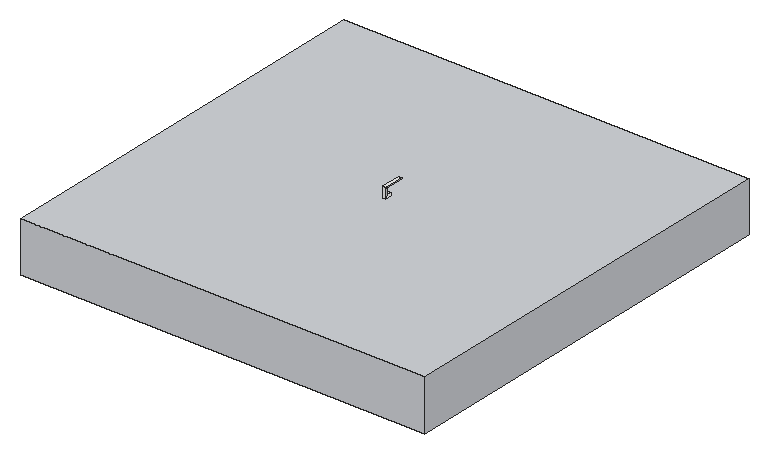
Revit family "Toilet_Paper_Holder-Grohe-Reserve-40784000", category Specialty Equipment, host Face, Revit 2014
Parameters (values of type "40784000")
  Width = 13/16"
  URL = "https://www.grohe.us"
  Type Comments = ""
  Product Page URL = "https://www.grohe.us/en_us/selection-cube-reserve-toilet-paper-holder-40784000.html"
  Price = "Prices may vary. Please consult Manufacturer Representative for most up-to-date price list."  # constant formula
  Model = "40784000"
  Material = "Metal-Grohe-000-Chrome"
  Manufacturer = "Grohe"
  Length = 2 1/2"
  Installation Type = "Wall Mounted"
  Height = 4 3/4"
  Finish = Metal-Grohe-000-Chrome
  Description = "Selection Cube Reserve toilet paper holder"
  Default Elevation = 16"
  Creation Date = "7/6/2017"  # constant formula
  Assembly Code = "D2010710"
Reference planes (in)
  plane 1 "Center (Front/Back)": y = 0
  plane 2: z = 0
  plane 3 "Center (Left/Right)": x = 0
  plane 4: y = 4.75
  plane 5: z = 2.5
  plane 6: y = 1.5625
  plane 7: x = 0.40625
  plane 8: x = -0.40625
Forms (in)
  Extrusion 1, solid
    sketch origin (0, 0, 0) x (1, 0, 0) y (0, 1, 0)
      loop
        line (-48, 48) -> (-48, -48) -> (48, -48) -> (48, 48) -> (-48, 48)
    from 0 to -12
  Extrusion 2, solid, material "Metal-Grohe-000-Chrome"
    sketch origin (0, 0, 0) x (1, 0, 0) y (0, 0, 1)
      loop
        line (0.40625, 0) -> (0.17958, 0.62277) -> (-0.17958, 0.62277) -> (-0.40625, 0) -> (0.40625, 0)
    from -1.5625 to 0
  Extrusion 3, solid, material "Metal-Grohe-000-Chrome"
    sketch origin (0, 0, 0) x (1, 0, 0) y (0, 1, 0)
      loop
        line (0.40625, 0) -> (0.17958, 0.62277) -> (-0.17958, 0.62277) -> (-0.40625, 0) -> (0.40625, 0)
    from 0 to 2.5
  Extrusion 4, solid, material "Metal-Grohe-000-Chrome"
    sketch origin (0, 0, 0) x (1, 0, 0) y (0, 0, 1)
      loop
        line (0.40625, 2.5) -> (-0.40625, 2.5) -> (-0.26286, 2.29521) -> (0.26286, 2.29521) -> (0.40625, 2.5)
    from -4.75 to 0
Cuts and joins
  joined: Extrusion 2, Extrusion 3, Extrusion 4
Lines and regions (in)
  Masking region 1
    outline origin (0, 0, 0) x (1, 0, 0) y (0, 0, 1)
      loop
        line (0.40625, 2.5) -> (-0.40625, 2.5) -> (-0.40625, 0) -> (0.40625, 0) -> (0.40625, 2.5)
  symbolic lines, detail levels medium+fine
    curve 1: line (0.40625, 0, 2.5) -> (0.26286, 0, 2.29521)
    curve 2: line (0.26286, 0, 2.29521) -> (-0.26286, 0, 2.29521)
    curve 3: line (-0.26286, 0, 2.29521) -> (-0.40625, 0, 2.5)
    curve 4: line (0.40625, 0, 0) -> (0.17958, 0, 0.62277)
    curve 5: line (0.17958, 0, 0.62277) -> (-0.17958, 0, 0.62277)
    curve 6: line (-0.17958, 0, 0.62277) -> (-0.40625, 0, 0)
  symbolic lines, detail levels fine
    curve 7: line (0.17958, 0, 0.62277) -> (0.17958, 0, 2.29521)
    curve 8: line (-0.17958, 0, 2.29521) -> (-0.17958, 0, 0.62277)
Dimensions and locks (in)
  plane 4 to plane 1 "Center (Front/Back)" = 4 3/4"
  plane 5 to Extrusion 1 = 2 1/2"
  plane 6 to plane 1 "Center (Front/Back)" = 1 9/16"
  plane 8 to plane 7 = 13/16"
  aligned and locked: plane 2 to Extrusion 1
  aligned and locked: level to Extrusion 1
